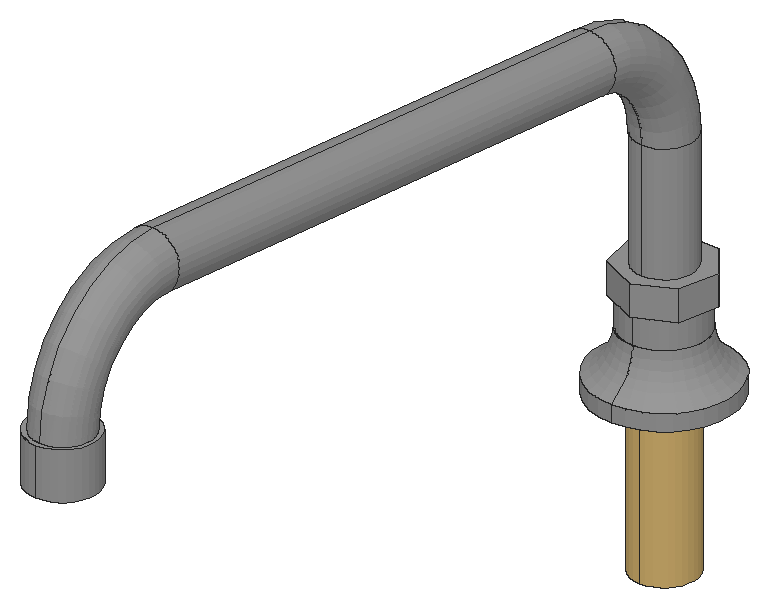
Revit family "Krowne_16-133L_DeckMount_Faucet", category Plumbing Fixtures, Revit 2018
Family settings
  Round Connector Dimension = Use Diameter
  Part Type = Normal
  OmniClass Number = 23.45.05.14
  OmniClass Title = Plumbing Fixtures - Sanitary Washing Units
  Work Plane-Based = No
  Always vertical = Yes
  Cut with Voids When Loaded = No
  Shared = No
  Room Calculation Point = No
Parameters
  Plumbing Remarks = ""
  Plumbing Connection Type = ""
  Model = "16-133L"
  Masterspec = ""
  Manufacturer = "Krowne Metal"
  Item Number = ""
  Inlet = 1/2"
  Hot Water Temperature = 100 °F
  Hot Water Size = 1/2"
  Hot Water RI Height = 0"
  Hot Water Flow = 1.8 GPM
  Hot Water Connection Height = 0"
  Description = "Single Hole Deck Mount Remote Spout with 10\" Spout"
  Cold Water Size = 1/2"
  Cold Water RI Height = 0"
  Cold Water Flow = 1.8 GPM
  Cold Water Connection Height = 0"
  Assembly Code = "D2010400"
Reference planes (in)
  plane 1 "Center (Front/Back)": y = 0.31693
  plane 2: z = 0
  plane 3 "Center (Left/Right)": x = 0
  plane 4: x = -3.375
  plane 5: x = 3.375
  plane 6: y = 2.06693
  plane 7: z = 5.375
  plane 8: z = 6.94331
  plane 9: y = 1.19193
  plane 10: y = -8.80807
  plane 11: x = -0.48619
  plane 12: x = 0.48619
  plane 13: x = 0.37508
  plane 14: x = -0.37508
Forms (in)
  Revolve 1, solid, material "QF_Steel-Chrome-Polished"
    sketch origin (0, 0, 0) x (0, 1, 0) y (0, 0, 1)
      loop
        line (1.19193, 0.76714) -> (0.66362, 0.76714)
        arc (0.66362, 0.76714) -> (0.56475, 0.44337) -> (0.31693, 0.21275) r 0.65231
        line (0.31693, 0.21275) -> (0.31693, 0) -> (1.19193, 0) -> (1.19193, 0.76714)
      axis (1.19193, 0.76714) -> (1.19193, 0)
    angle from 0 to 360
  Revolve 2, solid, material "QF_Brass-Satin"
    sketch origin (0, -1.9685, 0) x (0, 1, 0) y (0, 0, 1)
      loop
        line (3.16043, -2.12181) -> (3.56315, -2.12181) -> (3.56315, 0) -> (3.16043, 0) -> (3.16043, -2.12181)
      axis (3.16043, 0) -> (3.16043, -2.12181)
    angle from 0 to 360
  Extrusion 3, solid, material "QF_Steel-Chrome-Polished"
    sketch origin (0, 0.03371, 1.0029) x (1, 0, 0) y (0, 1, 0)
      loop
        line (-0.26533, 1.74289) -> (-0.59619, 1.328) -> (-0.4781, 0.81065) -> (0, 0.58041) -> (0.4781, 0.81065) -> (0.59619, 1.328) -> (0.26533, 1.74289) -> (-0.26533, 1.74289)
    from 0.124 to 0.524
  Revolve 4, solid, material "QF_Steel-Chrome-Polished"
    sketch origin (0, 0, 0.20786) x (0, 1, 0) y (0, 0, 1)
      loop
        line (1.19193, 0.91905) -> (0.67143, 0.91905) -> (0.67143, 0.55929) -> (1.19193, 0.55929) -> (1.19193, 0.91905)
      axis (1.19193, 0.91905) -> (1.19193, 0.55929)
    angle from 0 to 360
  Sweep 5, solid, material "QF_Steel-Chrome-Polished"
    path origin (0, 2.13286, 0.46441) x (0, 1, 0) y (0, 0, 1)
      loop
        line (-0.9375, 1.0625) -> (-0.9375, 2.61869)
        arc (-0.9375, 2.61869) -> (-1.30696, 3.55652) -> (-2.2168, 3.99036) r 1.375
        line (-2.2168, 3.99036) -> (-9.4668, 4.82689)
        arc (-9.4668, 4.82689) -> (-10.50033, 4.46077) -> (-10.9375, 3.45523) r 1.375
        line (-10.9375, 3.45523) -> (-10.9375, 2.83654)
    profile origin (0, 1.19536, 2.305) x (0, -1, 0) y (1, 0, 0)
      loop
        circle (0, 0) r 0.375
  Extrusion 6, solid, material "QF_Steel-Chrome-Polished"
    sketch origin (0, -8.80464, 3.30095) x (0, -1, 0) y (-1, 0, 0)
      loop
        circle (0, 0) r 0.4375
    from 0 to -0.625
Lines and regions (in)
  symbolic lines
    curve 1: arc (0, 2.06693, 0) -> (0.85362, 1.38417, 0) -> (0.37508, 0.4014, 0) r 0.875
    curve 2: line (0.29543, 1.8391, 0) -> (-0.29543, 1.8391, 0)
    curve 3: line (0.66382, 1.37716, 0) -> (0.29543, 1.8391, 0)
    curve 4: line (0.53234, 0.80112, 0) -> (0.66382, 1.37716, 0)
    curve 5: line (0.37508, 0.72539, 0) -> (0.53234, 0.80112, 0)
    curve 6: line (-0.53234, 0.80112, 0) -> (-0.375, 0.72535, 0)
    curve 7: line (-0.66382, 1.37716, 0) -> (-0.53234, 0.80112, 0)
    curve 8: line (-0.29543, 1.8391, 0) -> (-0.66382, 1.37716, 0)
    curve 9: arc (-0.375, 0.40136, 0) -> (-0.85363, 1.38412, 0) -> (0, 2.06693, 0) r 0.875
    curve 10: arc (-0.375, 1.19193, 0) -> (0.00004, 1.56697, 0) -> (0.37508, 1.19193, 0) r 0.37504
    curve 11: line (0.37508, 1.19193, 0) -> (0.37508, -8.73834, 0)
    curve 12: line (-0.375, 1.19193, 0) -> (-0.375, -8.73834, 0)
    curve 13: arc (0.37508, -8.73834, 0) -> (0.00004, -9.11339, 0) -> (-0.375, -8.73834, 0) r 0.37504
    curve 14: arc (-0.375, -8.41978, 0) -> (0.00004, -9.23937, 0) -> (0.37508, -8.41978, 0) r 0.4956
Dimensions and locks (in)
  plane 7 to level = 5 3/8"
  plane 9 to plane 10 = 10"
  plane 6 to plane 1 "Center (Front/Back)" = 1 3/4"
  plane 1 "Center (Front/Back)" to plane 6 = 1 3/4"
  plane 10 to plane 1 "Center (Front/Back)" = 9 1/8"
  aligned and locked: level to plane 2
Connectors (in)
  piping at (0, 1.19193, -2.12181), diameter 0.5, driven by "Inlet", driven by "Cold Water Flow"
    settings: on Revolve 2, index 1, connector inside diameter 24", connector length 0", flow factor 0, pipe flow 1.8 GPM, pressure drop 0.00 psi, fitting loss kfactor 0, connector angle 0.00°, fixture units 0, engagement length 0", angle of deflection 0.00°, flow configuration 0, flow direction 1, fitting loss method 0, system type 20, joint type 0, gender type 0, connector reference index -1, connector utility 0, adjustable connector no, is connector primary yes, connector description ""
